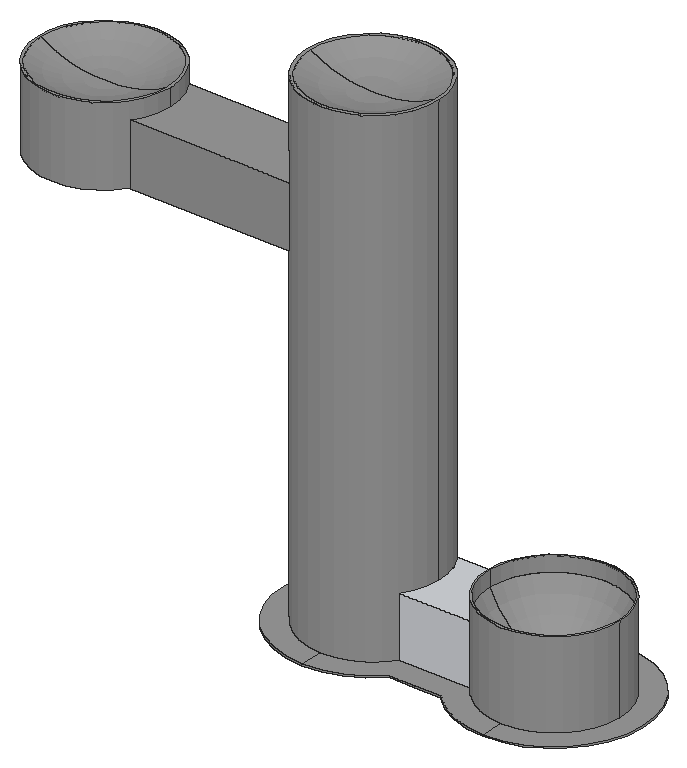
Revit family "Outdoor_Drinking_Fountain-Willoughby-WODF-3-HC-PET", category Plumbing Fixtures, host Face, Revit 2014
Parameters (values of type "Standard")
  Waste DIA = 1 1/4"
  Waste Connection = yes
  Vent Connection = no
  URL = "www.willoughby-ind"
  Revision = "A"
  Model = "CWBF-3-RPC-HC-PET"
  Manufacturer = "Willoughby Industries"
  LAV CW DIA = 3/8"
  HW Connection = no
  Fixture Body = Stainless Steel AISI 304-Willoughby
  Description = "Outdoor Bottle Filler And Fountain"
  Default Elevation = 0' - 0"
  Contact = "800.428.4065"
  CW Connection = yes
Reference planes (in)
  plane 1 "Center (Front/Back)": y = 0
  plane 2: z = 0
  plane 3 "Center (Left/Right)": x = 0
  plane 4: y = 4.3125
  plane 5: y = -4.3125
  plane 6 "Bottom Of Opening": z = 36.5
  plane 7 "Top of Fountain": z = 40
  plane 8: z = 12
  plane 9: y = 7.25
  plane 10: y = -7.25
  plane 11 "Bottom Of Fountaain": z = 21.75
  plane 12 "Top Of Fountain": z = 7.121
  plane 13: z = 26.871
  plane 14: x = 6.5
  plane 15: x = -22.75
  plane 16: x = -14.75
  plane 17: x = 14.75
  plane 18: x = -27.29394
  plane 19: x = 22.0022
  plane 20: x = 20.125
Forms (in)
  Extrusion 1, solid, material "Stainless Steel AISI 304-Willoughby" <- "Fixture Body"
    sketch origin (0, 0, 0) x (1, 0, 0) y (0, 1, 0)
      loop
        circle (0, 0) r 5.375
    from 0 to 40
  Revolve 2, solid, material "Stainless Steel AISI 304-Willoughby" <- "Fixture Body"
    sketch origin (0, 0, 0) x (0, 1, 0) y (0, 0, 1)
      loop
        line (0, 0) -> (0, 0.121) -> (-7.25, 0.121) -> (-7.25, 0) -> (0, 0)
      axis (0, 0.121) -> (0, 0)
    angle from 0 to 360
  Revolve 3, solid, material "Stainless Steel AISI 304-Willoughby" <- "Fixture Body", detail levels medium+fine
    sketch origin (0, 0, 0) x (0, 1, 0) y (0, 0, 1)
      loop
        line (0, 12) -> (0, 15) -> (-0.625, 15) -> (-0.625, 12) -> (0, 12)
      axis (0, 15) -> (0, 12)
    angle from 0 to 360
  Revolve 4, solid, material "Stainless Steel AISI 304-Willoughby" <- "Fixture Body", detail levels medium+fine
    sketch origin (0, 0, 0) x (0, 1, 0) y (0, 0, 1)
      loop
        line (1.5, 12) -> (1.6875, 12) -> (1.6875, 15) -> (1.5, 15) -> (1.5, 12)
      axis (1.5, 12) -> (1.5, 15)
    angle from 0 to 360
  Extrusion 5, solid, material "Stainless Steel AISI 304-Willoughby" <- "Fixture Body"
    sketch origin (-7.125, 0, 21.75) x (1, 0, 0) y (0, 1, 0)
      loop
        circle (21.875, 0) r 5.375
    from -21.75 to -14.629
  Revolve 6, void
    sketch origin (-7.125, 0, -21.58272) x (-1, 0, 0) y (0, 0, 1)
      loop
        line (-21.875, 28.70183) -> (-27.125, 28.70183) -> (-27.125, 27.45183)
        arc (-27.125, 27.45183) -> (-25.03436, 24.75048) -> (-21.875, 23.45183) r 6.61666
        line (-21.875, 23.45183) -> (-21.875, 28.70183)
      axis (-21.875, 28.70183) -> (-21.875, 23.45183)
    angle from 0 to 360
  Revolve 7, solid, material "Stainless Steel AISI 304-Willoughby" <- "Fixture Body"
    sketch origin (14.75, 0, 0) x (0, -1, 0) y (0, 0, 1)
      loop
        line (0, 0) -> (0, 0.121) -> (-7.25, 0.121) -> (-7.25, 0) -> (0, 0)
      axis (0, 0.121) -> (0, 0)
    angle from 0 to 360
  Extrusion 8, solid
    sketch origin (0, 0, 0) x (-1, 0, 0) y (0, -1, 0)
      loop
        line (-4.15331, 0) -> (-4.15331, 3) -> (-10.44158, 3)
        arc (-10.44158, 3) -> (-9.44179, 0) -> (-10.44158, -3) r 5.00085
        line (-10.44158, -3) -> (-4.15331, -3) -> (-4.15331, 0)
    from 0 to 5
  Extrusion 9, solid, material "Stainless Steel AISI 304-Willoughby" <- "Fixture Body"
    sketch origin (0, 0, 21.75) x (-1, 0, 0) y (0, -1, 0)
      loop
        line (-7.25, -5) -> (-4.15331, -5)
        arc (-4.15331, -5) -> (-6.5, 0) -> (-4.15331, 5) r 6.5
        line (-4.15331, 5) -> (-7.375, 5) -> (-10.59669, 5)
        arc (-10.59669, 5) -> (-8.25, 0) -> (-10.59669, -5) r 6.5
        line (-10.59669, -5) -> (-7.25, -5)
    from -21.75 to -21.629
  Extrusion 10, solid, material "Stainless Steel AISI 304-Willoughby" <- "Fixture Body"
    sketch origin (-0.04394, 0, 26.871) x (-1, 0, 0) y (0, -1, 0)
      loop
        circle (21.875, 0) r 5.375
    from 0 to 6.375
  Extrusion 11, solid, material "Stainless Steel AISI 304-Willoughby" <- "Fixture Body"
    sketch origin (-0.04394, 0, 5) x (1, 0, 0) y (0, 0, 1)
      loop
        line (-18.80836, 21.871) -> (-3.75931, 21.871) -> (-3.75931, 26.871) -> (-18.80836, 26.871) -> (-18.80836, 21.871)
    from 3 to -3
  Revolve 12, void
    sketch origin (-0.04394, 0, 5) x (1, 0, 0) y (0, 0, 1)
      loop
        line (-21.875, 28.246) -> (-27.08008, 28.246)
        arc (-27.08008, 28.246) -> (-24.58174, 27.17732) -> (-21.875, 26.93787) r 8.63575
        line (-21.875, 26.93787) -> (-21.875, 28.246)
      axis (-21.875, 28.246) -> (-21.875, 26.93787)
    angle from 0 to 360
  Revolve 13, void
    sketch origin (21.875, 0, 11.80327) x (1, 0, 0) y (0, 0, 1)
      loop
        line (-21.875, 28.246) -> (-27.08008, 28.246)
        arc (-27.08008, 28.246) -> (-24.57206, 27.21583) -> (-21.875, 26.93787) r 9.47816
        line (-21.875, 26.93787) -> (-21.875, 28.246)
      axis (-21.875, 28.246) -> (-21.875, 26.93787)
    angle from 0 to 360
Cuts and joins
  Revolve 6, Revolve 13 cuts Extrusion 1
  Revolve 6 cuts Extrusion 5
  joined: Revolve 2, Revolve 7, Extrusion 9
  Revolve 6 cuts Extrusion 8
  Revolve 12, Revolve 13 cuts Extrusion 10
Lines and regions (in)
  symbolic lines
    curve 1: circle (0, 0, 36.5) r 7.25 normal (0, 0, 1)
    curve 3: line (-7.25, 0, 0) -> (6.5, 0, 0)
    curve 4: line (6.5, 0, 0) -> (6.5, 0, 0.121)
    curve 5: line (6.5, 0, 0.121) -> (-7.25, 0, 0.121)
    curve 6: line (-5.375, 0, 0.121) -> (-5.375, 0, 40)
    curve 7: line (5.375, 0, 40) -> (5.375, 0, 0.121)
    curve 8: line (0, -7.25, 0) -> (0, 7.25, 0)
    curve 9: line (0, 7.25, 0) -> (0, 7.25, 0.121)
    curve 10: line (0, 7.25, 0.121) -> (0, -7.25, 0.121)
    curve 11: line (0, -7.25, 0.121) -> (0, -7.25, 0)
    curve 12: line (0, -5.39376, 40) -> (0, -5.39376, 0.121)
    curve 13: line (0, 5.39593, 40) -> (0, 5.39593, 0.121)
    curve 16: circle (14.75, 0, 36.5) r 7.25 normal (0, 0, 1)
    curve 17: line (0, 5.39593, 7.121) -> (0, -5.39376, 7.121)
    curve 18: line (4.60977, -3, 21.75) -> (10.29011, -3, 21.75)
    curve 19: line (10.29011, 3, 21.75) -> (4.60977, 3, 21.75)
    curve 20: line (4.41998, 0, 0.121) -> (4.41998, 0, 4.99932)
    curve 21: line (4.41998, 0, 4.99932) -> (10.30122, 0, 4.99932)
    curve 22: line (10.30122, 0, 4.99932) -> (10.30122, 0, 0.121)
    curve 23: line (9.375, 0, 4.99932) -> (9.375, 0, 7.121)
    curve 24: line (20.125, 0, 7.121) -> (9.375, 0, 7.121)
    curve 25: line (20.125, 0, 7.121) -> (20.125, 0, 0.121)
    curve 26: line (19.0625, 0, 0.121) -> (22.00563, 0, 0.121)
    curve 27: line (22.00563, 0, 0.121) -> (22.00563, 0, 0)
    curve 28: line (22.00563, 0, 0) -> (9.5, 0, 0)
    curve 29: line (9.5, 0, 0) -> (9.5, 0, 0.121)
    curve 30: line (9.5, 0, 0.121) -> (19.0625, 0, 0.121)
    curve 31: line (4.15331, 0, 0.121) -> (4.15331, 0, 0)
    curve 32: line (-4.4643, 0, 26.871) -> (-27.29394, 0, 26.871)
    curve 33: line (-27.29394, 0, 26.871) -> (-27.29394, 0, 33.246)
    curve 34: line (-26.23144, 0, 33.246) -> (-17.60644, 0, 33.246)
    curve 35: line (-17.47564, 0, 31.871) -> (-17.47564, 0, 26.871)
    curve 36: line (-17.47564, 0, 31.871) -> (-4.4643, 0, 31.871)
    curve 37: line (-4.4643, 0, 31.871) -> (-4.4643, 0, 26.871)
    curve 38: line (-27.29394, 0, 26.871) -> (-27.29394, 0, 33.246)
    curve 39: line (-27.29394, 0, 33.246) -> (-16.54394, 0, 33.246)
    curve 40: line (-16.54394, 0, 33.246) -> (-16.54394, 0, 31.871)
    curve 41: line (5.25, 5, 21.75) -> (9.5, 5, 21.75)
    curve 42: line (5.25, -5, 21.75) -> (9.5, -5, 21.75)
    curve 43: line (-5.76628, 3, 21.75) -> (-17.45905, 3, 21.75)
    curve 44: arc (-17.45905, 3, 21.75) -> (-27.29394, 0, 21.75) -> (-17.45905, -3, 21.75) r 5.375
    curve 45: arc (-17.45905, -3, 21.75) -> (-16.54394, 0, 21.75) -> (-17.45905, 3, 21.75) r 5.375
    curve 46: line (-17.45905, -3, 21.75) -> (-5.76628, -3, 21.75)
    curve 47: arc (9.375, 0, 21.75) -> (14.75, -5.375, 21.75) -> (20.125, 0, 21.75) r 5.375
    curve 48: arc (20.125, 0, 21.75) -> (14.75, 5.375, 21.75) -> (9.375, 0, 21.75) r 5.375
    curve 49: line (-7.25, 0, 0.121) -> (-7.25, 0, 0)
    curve 50: line (9.5, 0, 0.121) -> (6.5, 0, 0.121)
    curve 51: line (-5.375, 0, 40) -> (5.375, 0, 40)
    curve 52: line (0, 5.39593, 40) -> (0, -5.39376, 40)
  symbolic lines, detail levels fine
    curve 2: circle (0, 0, 36.5) r 5.375 normal (0, 0, 1)
  symbolic lines, detail levels medium+fine
    curve 14: line (0, 5.39593, 28.246) -> (0, -5.39376, 28.246)
    curve 15: line (0, -5.39376, 21.871) -> (0, 5.39593, 21.871)
Dimensions and locks (in)
  plane 6 "Bottom Of Opening" to level = 3' - 0 1/2"
  plane 9 to plane 10 = 1' - 2 1/2"
  plane 5 to plane 4 = 0' - 8 5/8"
  plane 11 "Bottom Of Fountaain" to level = 1' - 9 3/4"
  plane 16 to plane 3 "Center (Left/Right)" = 1' - 2 3/4"
  Extrusion 11 to host face = 2' - 2.871"
  plane 18 to plane 20 = 3' - 11.41894"  (x2)
  host face to plane 7 "Top of Fountain" = 3' - 4"
  plane 3 "Center (Left/Right)" to plane 17 = 1' - 2 3/4"
  radius of curve 2 = 0' - 5 3/8"
  aligned and locked: plane 2 to host face
  aligned and locked: level to host face
  aligned and locked: Revolve 3 sketch curve to Revolve 3 sketch curve  (x2)
  aligned and locked: Revolve 4 sketch curve to Revolve 4 sketch curve  (x2)
  aligned and locked: plane 12 "Top Of Fountain" to Extrusion 5
  aligned and locked: Revolve 12 sketch curve to Revolve 12 sketch curve  (x2)
  aligned and locked: curve 8 to Revolve 7 sketch curve
  aligned and locked: plane 7 "Top of Fountain" to Extrusion 1
  aligned and locked: curve 52 to cut or joined group of Extrusion 1, Revolve 6, Revolve 13
  aligned and locked: Revolve 13 sketch curve to Revolve 13 sketch curve  (x2)
Connectors (in)
  piping at (0, 0, 12), diameter 0.375, driven by "Waste Connection", driven by "LAV CW DIA"
    settings: on Revolve 3, index 1, connector inside diameter 24", connector length 0' - 0", flow factor 0, pipe flow 0 GPM, pressure drop 0.00 psi, fitting loss kfactor 0, connector angle 0.00°, fixture units 0, engagement length 0' - 0", angle of deflection 0.00°, flow configuration 0, flow direction 2, fitting loss method 0, system type 16, joint type 0, gender type 0, connector reference index -1, connector utility 1, adjustable connector no, is connector primary yes, connector description "Drain Waste"
  piping at (0, 1.5, 12), diameter 0.375, driven by "CW Connection"
    settings: on Revolve 4, index 2, connector inside diameter 24", connector length 0' - 0", flow factor 0, pipe flow 0 GPM, pressure drop 0.00 psi, fitting loss kfactor 0, connector angle 0.00°, fixture units 0, engagement length 0' - 0", angle of deflection 0.00°, flow configuration 0, flow direction 1, fitting loss method 0, system type 20, joint type 0, gender type 0, connector reference index -1, connector utility 1, adjustable connector no, is connector primary no, connector description "CW Inlet"
